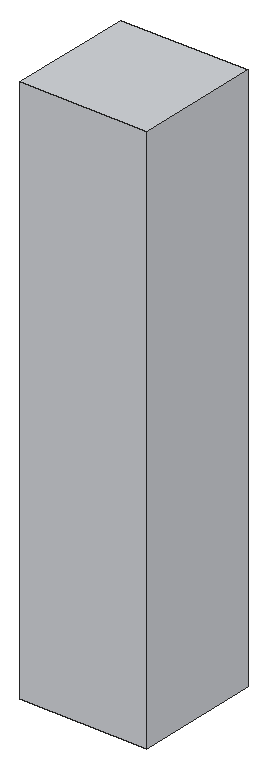
Revit family "House", category Generic Models, Revit 2022
Family settings
  Can host rebar = No
  Round Connector Dimension = Use Diameter
  Part Type = Normal
  Work Plane-Based = Yes
  Always vertical = Yes
  Cut with Voids When Loaded = No
  Maintain Annotation Orientation = No
  Shared = Yes
  Room Calculation Point = No
Parameters
  level_4 [instance] = level = 4  # yes
  level_3 [instance] = level = 3  # no
  level_2 [instance] = level = 2  # no
  level_1 [instance] = level = 1  # no
  level_0 [instance] = level = 0  # no
  level [instance] = 4
  accent_color [instance] = none
  Default Elevation = 1219.2 mm
Reference planes
  plane 1 "Center (Front/Back)": y = 0
  plane 2: z = 0
  plane 3 "Center (Left/Right)": x = 0
Forms (mm)
  Extrusion 1, solid, material <- "accent_color", visible <- "level_1"
    sketch origin (0, 0, 0) x (1, 0, 0) y (0, 0, 1)
      loop
        line (-400, 0) -> (400, 0) -> (400, 600) -> (0, 1000) -> (-400, 600) -> (-400, 0)
    from -600 to 600
  Extrusion 2, solid, material <- "accent_color", visible <- "level_2"
    sketch origin (0, 0, 0) x (1, 0, 0) y (0, 0, 1)
      loop
        line (-400, 0) -> (400, 0) -> (400, 600) -> (0, 1000) -> (-400, 600) -> (-400, 0)
    from -600 to 600
  Extrusion 3, solid, material <- "accent_color", visible <- "level_2"
    sketch origin (0, 0, 400) x (1, 0, 0) y (0, 0, 1)
      loop
        line (-268.852, 140.207) -> (268.852, 140.207) -> (268.852, 731.148) -> (0, 1000) -> (-268.852, 731.148) -> (-268.852, 140.207)
    from -416.81 to 466.187
  Extrusion 4, solid, material <- "accent_color", visible <- "level_3"
    sketch origin (0, 0, 0) x (1, 0, 0) y (0, 1, 0)
      loop
        line (-400, 600) -> (-400, -600) -> (400, -600) -> (400, 600) -> (-400, 600)
    from 0 to 1800
  Extrusion 5, void
    sketch origin (0, 0, 0) x (1, 0, 0) y (0, 0, 1)
      loop
        line (325, 1650) -> (175, 1650) -> (175, 1500) -> (325, 1500) -> (325, 1650)
      loop
        line (75, 1650) -> (-75, 1650) -> (-75, 1500) -> (75, 1500) -> (75, 1650)
      loop
        line (-175, 1650) -> (-325, 1650) -> (-325, 1500) -> (-175, 1500) -> (-175, 1650)
      loop
        line (325, 1350) -> (175, 1350) -> (175, 1200) -> (325, 1200) -> (325, 1350)
      loop
        line (75, 1350) -> (-75, 1350) -> (-75, 1200) -> (75, 1200) -> (75, 1350)
      loop
        line (-175, 1350) -> (-325, 1350) -> (-325, 1200) -> (-175, 1200) -> (-175, 1350)
      loop
        line (325, 1050) -> (175, 1050) -> (175, 900) -> (325, 900) -> (325, 1050)
      loop
        line (75, 1050) -> (-75, 1050) -> (-75, 900) -> (75, 900) -> (75, 1050)
      loop
        line (-175, 1050) -> (-325, 1050) -> (-325, 900) -> (-175, 900) -> (-175, 1050)
      loop
        line (325, 750) -> (175, 750) -> (175, 600) -> (325, 600) -> (325, 750)
      loop
        line (75, 750) -> (-75, 750) -> (-75, 600) -> (75, 600) -> (75, 750)
      loop
        line (-175, 750) -> (-325, 750) -> (-325, 600) -> (-175, 600) -> (-175, 750)
      loop
        line (325, 450) -> (175, 450) -> (175, 300) -> (325, 300) -> (325, 450)
      loop
        line (75, 450) -> (-75, 450) -> (-75, 300) -> (75, 300) -> (75, 450)
      loop
        line (-175, 450) -> (-325, 450) -> (-325, 300) -> (-175, 300) -> (-175, 450)
      loop
        line (325, 150) -> (175, 150) -> (175, 0) -> (325, 0) -> (325, 150)
      loop
        line (75, 150) -> (-75, 150) -> (-75, 0) -> (75, 0) -> (75, 150)
      loop
        line (-175, 150) -> (-325, 150) -> (-325, 0) -> (-175, 0) -> (-175, 150)
    from 525.061 to 994.163
  Extrusion 6, solid, material <- "accent_color", visible <- "level_4"
    sketch origin (0, 20, 0) x (1, 0, 0) y (0, 1, 0)
      loop
        line (-400, 380) -> (-400, -420) -> (400, -420) -> (400, 380) -> (-400, 380)
    from 0 to 3500
Cuts and joins
  Extrusion 5 cuts Extrusion 3
  joined: Extrusion 2, Extrusion 3
  Extrusion 5 cuts Extrusion 4
Lines and regions (mm)
  model lines, style "property_line", visible <- "level_0"
    curve 1: line (-400, 600, 0) -> (400, 600, 0)
    curve 2: line (-400, -600, 0) -> (-400, 600, 0)
    curve 3: line (400, -600, 0) -> (-400, -600, 0)
    curve 4: line (400, 600, 0) -> (400, -600, 0)
  model lines, visible <- "level_4", not visible
    curve 5: line (400, -400, 3500) -> (400, -400, 0)
    curve 6: line (-400, -400, 3500) -> (-400, -400, 0)
    curve 7: line (311.111, -400, 3500) -> (311.111, -400, 0)
    curve 8: line (222.222, -400, 3500) -> (222.222, -400, 0)
    curve 9: line (133.333, -400, 3500) -> (133.333, -400, 0)
    curve 10: line (44.444, -400, 3500) -> (44.444, -400, 0)
    curve 11: line (-44.444, -400, 3500) -> (-44.444, -400, 0)
    curve 12: line (-133.333, -400, 3500) -> (-133.333, -400, 0)
    curve 13: line (-222.222, -400, 3500) -> (-222.222, -400, 0)
    curve 14: line (-311.111, -400, 3500) -> (-311.111, -400, 0)
    curve 15: line (400, -400, 0) -> (-400, -400, 0)
    curve 16: line (400, -400, 3500) -> (-400, -400, 3500)
    curve 17: line (400, -400, 184.211) -> (-400, -400, 184.211)
    curve 18: line (400, -400, 368.421) -> (-400, -400, 368.421)
    curve 19: line (400, -400, 552.632) -> (-400, -400, 552.632)
    curve 20: line (400, -400, 736.842) -> (-400, -400, 736.842)
    curve 21: line (400, -400, 921.053) -> (-400, -400, 921.053)
    curve 22: line (400, -400, 1105.263) -> (-400, -400, 1105.263)
    curve 23: line (400, -400, 1289.474) -> (-400, -400, 1289.474)
    curve 24: line (400, -400, 1473.684) -> (-400, -400, 1473.684)
    curve 25: line (400, -400, 1657.895) -> (-400, -400, 1657.895)
    curve 26: line (400, -400, 1842.105) -> (-400, -400, 1842.105)
    curve 27: line (400, -400, 2026.316) -> (-400, -400, 2026.316)
    curve 28: line (400, -400, 2210.526) -> (-400, -400, 2210.526)
    curve 29: line (400, -400, 2394.737) -> (-400, -400, 2394.737)
    curve 30: line (400, -400, 2578.947) -> (-400, -400, 2578.947)
    curve 31: line (400, -400, 2763.158) -> (-400, -400, 2763.158)
    curve 32: line (400, -400, 2947.368) -> (-400, -400, 2947.368)
    curve 33: line (400, -400, 3131.579) -> (-400, -400, 3131.579)
    curve 34: line (400, -400, 3315.789) -> (-400, -400, 3315.789)
  model lines, visible <- "level_4"
    curve 35: line (400, 400, 3500) -> (400, 400, 0)
    curve 36: line (-400, 400, 3500) -> (-400, 400, 0)
    curve 37: line (311.111, 400, 3500) -> (311.111, 400, 0)
    curve 38: line (222.222, 400, 3500) -> (222.222, 400, 0)
    curve 39: line (133.333, 400, 3500) -> (133.333, 400, 0)
    curve 40: line (44.444, 400, 3500) -> (44.444, 400, 0)
    curve 41: line (-44.444, 400, 3500) -> (-44.444, 400, 0)
    curve 42: line (-133.333, 400, 3500) -> (-133.333, 400, 0)
    curve 43: line (-222.222, 400, 3500) -> (-222.222, 400, 0)
    curve 44: line (-311.111, 400, 3500) -> (-311.111, 400, 0)
    curve 45: line (400, 400, 0) -> (-400, 400, 0)
    curve 46: line (400, 400, 3500) -> (-400, 400, 3500)
    curve 47: line (400, 400, 184.211) -> (-400, 400, 184.211)
    curve 48: line (400, 400, 368.421) -> (-400, 400, 368.421)
    curve 49: line (400, 400, 552.632) -> (-400, 400, 552.632)
    curve 50: line (400, 400, 736.842) -> (-400, 400, 736.842)
    curve 51: line (400, 400, 921.053) -> (-400, 400, 921.053)
    curve 52: line (400, 400, 1105.263) -> (-400, 400, 1105.263)
    curve 53: line (400, 400, 1289.474) -> (-400, 400, 1289.474)
    curve 54: line (400, 400, 1473.684) -> (-400, 400, 1473.684)
    curve 55: line (400, 400, 1657.895) -> (-400, 400, 1657.895)
    curve 56: line (400, 400, 1842.105) -> (-400, 400, 1842.105)
    curve 57: line (400, 400, 2026.316) -> (-400, 400, 2026.316)
    curve 58: line (400, 400, 2210.526) -> (-400, 400, 2210.526)
    curve 59: line (400, 400, 2394.737) -> (-400, 400, 2394.737)
    curve 60: line (400, 400, 2578.947) -> (-400, 400, 2578.947)
    curve 61: line (400, 400, 2763.158) -> (-400, 400, 2763.158)
    curve 62: line (400, 400, 2947.368) -> (-400, 400, 2947.368)
    curve 63: line (400, 400, 3131.579) -> (-400, 400, 3131.579)
    curve 64: line (400, 400, 3315.789) -> (-400, 400, 3315.789)
    curve 65: line (400, -400, 3500) -> (400, -400, 0)
    curve 66: line (-400, -400, 3500) -> (-400, -400, 0)
    curve 67: line (311.111, -400, 3500) -> (311.111, -400, 0)
    curve 68: line (222.222, -400, 3500) -> (222.222, -400, 0)
    curve 69: line (133.333, -400, 3500) -> (133.333, -400, 0)
    curve 70: line (44.444, -400, 3500) -> (44.444, -400, 0)
    curve 71: line (-44.444, -400, 3500) -> (-44.444, -400, 0)
    curve 72: line (-133.333, -400, 3500) -> (-133.333, -400, 0)
    curve 73: line (-222.222, -400, 3500) -> (-222.222, -400, 0)
    curve 74: line (-311.111, -400, 3500) -> (-311.111, -400, 0)
    curve 75: line (400, -400, 0) -> (-400, -400, 0)
    curve 76: line (400, -400, 3500) -> (-400, -400, 3500)
    curve 77: line (400, -400, 184.211) -> (-400, -400, 184.211)
    curve 78: line (400, -400, 368.421) -> (-400, -400, 368.421)
    curve 79: line (400, -400, 552.632) -> (-400, -400, 552.632)
    curve 80: line (400, -400, 736.842) -> (-400, -400, 736.842)
    curve 81: line (400, -400, 921.053) -> (-400, -400, 921.053)
    curve 82: line (400, -400, 1105.263) -> (-400, -400, 1105.263)
    curve 83: line (400, -400, 1289.474) -> (-400, -400, 1289.474)
    curve 84: line (400, -400, 1473.684) -> (-400, -400, 1473.684)
    curve 85: line (400, -400, 1657.895) -> (-400, -400, 1657.895)
    curve 86: line (400, -400, 1842.105) -> (-400, -400, 1842.105)
    curve 87: line (400, -400, 2026.316) -> (-400, -400, 2026.316)
    curve 88: line (400, -400, 2210.526) -> (-400, -400, 2210.526)
    curve 89: line (400, -400, 2394.737) -> (-400, -400, 2394.737)
    curve 90: line (400, -400, 2578.947) -> (-400, -400, 2578.947)
    curve 91: line (400, -400, 2763.158) -> (-400, -400, 2763.158)
    curve 92: line (400, -400, 2947.368) -> (-400, -400, 2947.368)
    curve 93: line (400, -400, 3131.579) -> (-400, -400, 3131.579)
    curve 94: line (400, -400, 3315.789) -> (-400, -400, 3315.789)
    curve 95: line (-400, 400, 3500) -> (-400, 400, 0)
    curve 96: line (-400, -400, 3500) -> (-400, -400, 0)
    curve 97: line (-400, 311.111, 3500) -> (-400, 311.111, 0)
    curve 98: line (-400, 222.222, 3500) -> (-400, 222.222, 0)
    curve 99: line (-400, 133.333, 3500) -> (-400, 133.333, 0)
    curve 100: line (-400, 44.444, 3500) -> (-400, 44.444, 0)
    curve 101: line (-400, -44.444, 3500) -> (-400, -44.444, 0)
    curve 102: line (-400, -133.333, 3500) -> (-400, -133.333, 0)
    curve 103: line (-400, -222.222, 3500) -> (-400, -222.222, 0)
    curve 104: line (-400, -311.111, 3500) -> (-400, -311.111, 0)
    curve 105: line (-400, 400, 0) -> (-400, -400, 0)
    curve 106: line (-400, 400, 3500) -> (-400, -400, 3500)
    curve 107: line (-400, 400, 184.211) -> (-400, -400, 184.211)
    curve 108: line (-400, 400, 368.421) -> (-400, -400, 368.421)
    curve 109: line (-400, 400, 552.632) -> (-400, -400, 552.632)
    curve 110: line (-400, 400, 736.842) -> (-400, -400, 736.842)
    curve 111: line (-400, 400, 921.053) -> (-400, -400, 921.053)
    curve 112: line (-400, 400, 1105.263) -> (-400, -400, 1105.263)
    curve 113: line (-400, 400, 1289.474) -> (-400, -400, 1289.474)
    curve 114: line (-400, 400, 1473.684) -> (-400, -400, 1473.684)
    curve 115: line (-400, 400, 1657.895) -> (-400, -400, 1657.895)
    curve 116: line (-400, 400, 1842.105) -> (-400, -400, 1842.105)
    curve 117: line (-400, 400, 2026.316) -> (-400, -400, 2026.316)
    curve 118: line (-400, 400, 2210.526) -> (-400, -400, 2210.526)
    curve 119: line (-400, 400, 2394.737) -> (-400, -400, 2394.737)
    curve 120: line (-400, 400, 2578.947) -> (-400, -400, 2578.947)
    curve 121: line (-400, 400, 2763.158) -> (-400, -400, 2763.158)
    curve 122: line (-400, 400, 2947.368) -> (-400, -400, 2947.368)
    curve 123: line (-400, 400, 3131.579) -> (-400, -400, 3131.579)
    curve 124: line (-400, 400, 3315.789) -> (-400, -400, 3315.789)
    curve 125: line (400, 400, 3500) -> (400, 400, 0)
    curve 126: line (400, -400, 3500) -> (400, -400, 0)
    curve 127: line (400, 311.111, 3500) -> (400, 311.111, 0)
    curve 128: line (400, 222.222, 3500) -> (400, 222.222, 0)
    curve 129: line (400, 133.333, 3500) -> (400, 133.333, 0)
    curve 130: line (400, 44.444, 3500) -> (400, 44.444, 0)
    curve 131: line (400, -44.444, 3500) -> (400, -44.444, 0)
    curve 132: line (400, -133.333, 3500) -> (400, -133.333, 0)
    curve 133: line (400, -222.222, 3500) -> (400, -222.222, 0)
    curve 134: line (400, -311.111, 3500) -> (400, -311.111, 0)
    curve 135: line (400, 400, 0) -> (400, -400, 0)
    curve 136: line (400, 400, 3500) -> (400, -400, 3500)
    curve 137: line (400, 400, 184.211) -> (400, -400, 184.211)
    curve 138: line (400, 400, 368.421) -> (400, -400, 368.421)
    curve 139: line (400, 400, 552.632) -> (400, -400, 552.632)
    curve 140: line (400, 400, 736.842) -> (400, -400, 736.842)
    curve 141: line (400, 400, 921.053) -> (400, -400, 921.053)
    curve 142: line (400, 400, 1105.263) -> (400, -400, 1105.263)
    curve 143: line (400, 400, 1289.474) -> (400, -400, 1289.474)
    curve 144: line (400, 400, 1473.684) -> (400, -400, 1473.684)
    curve 145: line (400, 400, 1657.895) -> (400, -400, 1657.895)
    curve 146: line (400, 400, 1842.105) -> (400, -400, 1842.105)
    curve 147: line (400, 400, 2026.316) -> (400, -400, 2026.316)
    curve 148: line (400, 400, 2210.526) -> (400, -400, 2210.526)
    curve 149: line (400, 400, 2394.737) -> (400, -400, 2394.737)
    curve 150: line (400, 400, 2578.947) -> (400, -400, 2578.947)
    curve 151: line (400, 400, 2763.158) -> (400, -400, 2763.158)
    curve 152: line (400, 400, 2947.368) -> (400, -400, 2947.368)
    curve 153: line (400, 400, 3131.579) -> (400, -400, 3131.579)
    curve 154: line (400, 400, 3315.789) -> (400, -400, 3315.789)
Dimensions and locks
  equal spacing: Extrusion 1 sketch curve, plane 3 "Center (Left/Right)", Extrusion 1 sketch curve
  Extrusion 1 sketch curve to plane 3 "Center (Left/Right)" = 400 mm
  Extrusion 2 sketch curve to Extrusion 2 sketch curve = 800 mm
  Extrusion 3 sketch curve to Extrusion 3 sketch curve = 537.705 mm
  aligned and locked: level to plane 2
